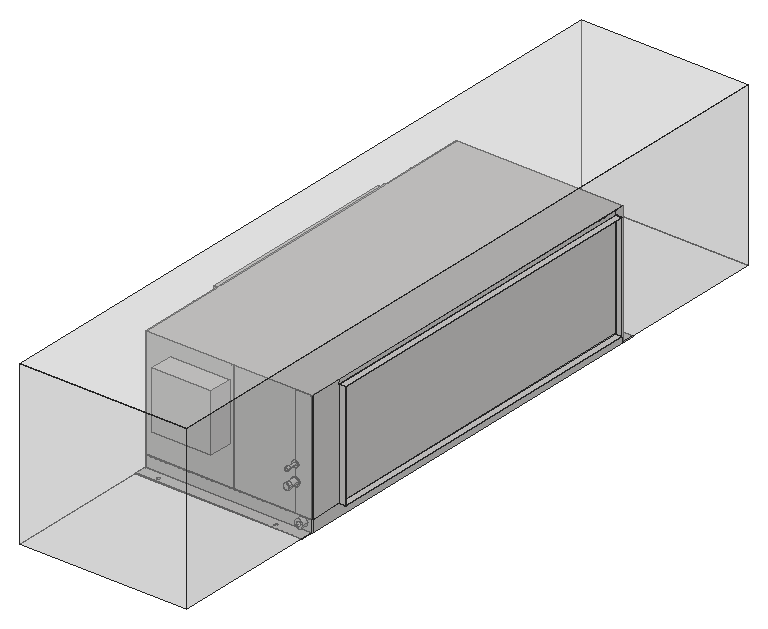
Revit family "outputfile", category 機械設備, Revit 2024
Family settings
  丸型コネクタ寸法 = 半径を使用
  パーツ タイプ = 標準
  OmniClass 番号 = 23.75.10.24.21.27.27
  OmniClass タイトル = Split System Air Conditioning Units
  作業面ベース = いいえ
  常に垂直 = はい
  ロード時にボイドで切り取り = いいえ
  注釈の向きを維持 = いいえ
  共有 = いいえ
  部屋計算ポイント = はい
Parameters (values of type "FDR400QY1")
  Description = ""
  書き出し IFC クラス(タイプ) = "IfcUnitaryEquipmentType"
  定義済み IFC タイプ(タイプ) = "AIRCONDITIONINGUNIT"
  Cost = 0
  Type Comments = ""
  Keynote = ""
  Type Image = (empty or 0)
  Assembly Code = ""
  angle_Drain Pipe [instance] = if(Rear Connection_drainpipe, -90.00°, 90.00°)  # 90.00°
  製造元 = "Daikin"
  モデル = "FDR400QY1"
  w2 = if(Depth = 2195.0 mm, 0.0 mm, if(Depth = 1980.0 mm, 0.0 mm, 352.0 mm))  # 0.0 mm
  w1 = if(Depth = 2195.0 mm, 0.0 mm, if(Depth = 1980.0 mm, 1.0 mm, 20.0 mm))  # 1.0 mm
  switch_frequency = yes
  r_Liquid Pipe Size = Liquid Pipe Size / 2  # 6.35 mm
  r_Gas Pipe Size = Gas Pipe Size / 2  # 14.3 mm
  r_Drain Pipe Size = Drain Pipe Size / 2  # 12.7 mm
  r_D = if(Depth = 2195.0 mm, 41.5 mm, if(Depth = 1980.0 mm, 41.5 mm, 34.5 mm))  # 41.5 mm
  lw_power = if(Depth = 2195.0 mm, Width / 2 - 249.0 mm, if(Depth = 1980.0 mm, Width / 2 - 128.0 mm, Width / 2 - 138.0 mm))  # 297.0 mm
  lw_mountinghole = if(Depth = 2195.0 mm, 100.0 mm, if(Depth = 1980.0 mm, 100.0 mm, if(Depth = 1330.0 mm, 59.0 mm, 59.0 mm)))  # 100.0 mm
  lh_SA = if(Depth = 2195.0 mm, 263.0 mm + SA Duct Size Height / 2, if(Depth = 1980.0 mm, 257.0 mm + SA Duct Size Height / 2, 156.0 mm + SA Duct Size Height / 2))  # 431.5 mm
  ld_SA = if(Depth = 2195.0 mm, 570.0 mm + SA Duct Size Width / 2, if(Depth = 1980.0 mm, 479.0 mm + SA Duct Size Width / 2, 128.0 mm + SA Duct Size Width / 2))  # 1001.5 mm
  ld_RA = if(Depth = 2195.0 mm, 171.0 mm + RA Duct Size Width / 2, if(Depth = 1980.0 mm, 169.0 mm + RA Duct Size Width / 2, 128.0 mm + RA Duct Size Width / 2))  # 1051.0 mm
  lh_power = if(Depth = 2195.0 mm, 490.0 mm, if(Depth = 1980.0 mm, 300.0 mm, 200.0 mm))  # 300.0 mm
  lh_RA = if(Depth = 2195.0 mm, 60.0 mm + RA Duct Size Height / 2, if(Depth = 1980.0 mm, 61.0 mm + RA Duct Size Height / 2, 156.0 mm + RA Duct Size Height / 2))  # 333.0 mm
  ld_power = if(Depth = 2195.0 mm, 75.8 mm, if(Depth = 1980.0 mm, 70.0 mm, 76.6 mm))  # 70.0 mm
  l_SA = if(Depth = 2195.0 mm, 36.0 mm, if(Depth = 1980.0 mm, 35.0 mm, 39.0 mm))  # 35.0 mm
  l_RA = if(Depth = 2195.0 mm, 36.0 mm, if(Depth = 1980.0 mm, 35.0 mm, 39.0 mm))  # 35.0 mm
  d = if(Depth = 1330.0 mm, 20.0 mm, 0.0 mm)  # 0.0 mm
  connector_voltage = Voltage_50Hz  # 400 V
  connector_powerinput = [Power Input (Cooling)]  # 15.690 kW
  connector_phase = Phase_50Hz  # 3
  Voltage_comment_50Hz = "380 - 415"
  Voltage_50Hz = 400 V
  URL = ""
  Supply Air Direction [instance] = yes
  Sound Power Level_H speed (dB) = 0
  Rear Connection_drainpipe [instance] = not(Front Connection_drainpipe)  # no
  Phase_50Hz = 3
  Minimum External Static Pressure = 0.00 Pa
  Minimum Circuit Amps_50Hz = 4.4 A
  Maximum Fuse Amps_50Hz = 16.0 A
  Maximum External Static Pressure = 150.00 Pa
  Material_Casing = DAIKIN_GalvanizedSteel_Casing_indoorunit
  lw_mountinghole_pitch = if(Depth = 2195.0 mm, 600.0 mm, if(Depth = 1980.0 mm, 600.0 mm, if(Depth = 1330.0 mm, 732.0 mm, 732.0 mm)))  # 600.0 mm
  lh_gaspipe = if(Depth = 2195.0 mm, 205.0 mm, if(Depth = 1980.0 mm, 205.0 mm, 187.0 mm))  # 205.0 mm
  lh_mountinghole = if(Depth = 2195.0 mm, 0.0 mm, if(Depth = 1980.0 mm, 0.0 mm, if(Depth = 1330.0 mm, 495.0 mm, 495.0 mm)))  # 0.0 mm
  lh_liquidpipe = if(Depth = 2195.0 mm, 285.0 mm, if(Depth = 1980.0 mm, 285.0 mm, 187.0 mm))  # 285.0 mm
  lh_drainpipe = if(Depth = 2195.0 mm, 38.0 mm, if(Depth = 1980.0 mm, 38.0 mm, 32.0 mm))  # 38.0 mm
  l_antena = Height - lh_mountinghole + 1.0 mm  # 626.0 mm
  ld_drainpipe = if(Depth = 2195.0 mm, Depth / 2 + 29.0 mm, if(Depth = 1980.0 mm, Depth / 2 + 29.0 mm, Depth / 2 + 9.0 mm))  # 1019.0 mm
  ld_liquidpipe = if(Depth = 2195.0 mm, Depth / 2 + 55.0 mm, if(Depth = 1980.0 mm, Depth / 2 + 55.0 mm, Depth / 2 + 60.0 mm))  # 1045.0 mm
  ld_gaspipe = if(Depth = 2195.0 mm, Depth / 2 + 55.0 mm, if(Depth = 1980.0 mm, Depth / 2 + 55.0 mm, Depth / 2 + 58.0 mm))  # 1045.0 mm
  ld_mountinghole_pitch = if(Depth = 2195.0 mm, 2280.0 mm, if(Depth = 1980.0 mm, 2070.0 mm, 1386.0 mm))  # 2070.0 mm
  h*** = 0.0 mm  # constant formula
  lw_liquidpipe = if(Depth = 2195.0 mm, 83.0 mm, if(Depth = 1980.0 mm, 87.0 mm, 126.0 mm))  # 87.0 mm
  lw_gaspipe = if(Depth = 2195.0 mm, 83.0 mm, if(Depth = 1980.0 mm, 87.0 mm, 47.0 mm))  # 87.0 mm
  lw_drainpipe = if(Depth = 2195.0 mm, 43.0 mm, if(Depth = 1980.0 mm, 45.0 mm, 46.0 mm))  # 45.0 mm
  Width = 850.0 mm
  Version = "ver.1.0"
  Unit Type = "Duct"
  Unit Mass Weight = 177.00 kg
  Unit Designation [instance] = ""
  Uniclass2015Version = "Products v1.30"
  Uniclass2015Title = "Split coil room air conditioning units"
  Uniclass2015Code = "Pr_70_65_03_86"
  Total Cooling Capacity [instance] = 0.000 kW
  Sound Pressure Level_M speed (dBA) = 0
  Sound Pressure Level_L speed (dBA) = 0
  Sound Pressure Level_H speed (dBA) = 59
  Series = "Package Aircon_Fan Coil Unit"
  Sensible Cooling Capacity [instance] = 0.000 kW
  SA Duct Size Width = 1045.0 mm
  SA Duct Size Height = 349.0 mm
  Refrigerant Type = "R410A"
  RA Duct Size Width = 1764.0 mm
  RA Duct Size Height = 544.0 mm
  Power Input (Cooling) = 15.690 kW
  Option Accessory 3 [instance] = ""
  Option Accessory 2 [instance] = ""
  Option Accessory 1 [instance] = ""
  Nominal Cooling Capacity = 46.300 kW
  Minimum Airflow = 0.00 m³/h
  Median Airflow = 0.00 m³/h
  Maximum Airflow = 7200.00 m³/h
  Load Classification = HVAC
  Liquid Pipe Size = 12.7 mm
  Link_Nested Family [instance] = ""
  Front Connection_drainpipe [instance] = yes
  IfcVersion = ""
  IfcExportType = "AIRCONDITIONINGUNIT"
  IfcExportAs = "IfcUnitaryEquipmentType"
  Height = 625.0 mm
  Heat Exchanger Type = "Cross Fin Coil"
  Gas Pipe Size = 28.6 mm
  Frequency_50Hz = 50 Hz
  Fan Type = "Sirocco Fan"
  Fan Drive = "-"
  FCU Tag No. [instance] = ""
  Drain Pipe Size = 25.4 mm
  Design Supply Airflow [instance] = 0.00 m³/h
  Design Return Airflow [instance] = 0.00 m³/h
  Design External Static Pressure [instance] = 0.00 Pa
  Depth = 1980.0 mm
  既定の高さ = 0.0 mm
  Cooling Entering Wet Bulb Temperature [instance] = 0.00 °C
  Cooling Entering Dry Bulb Temperature [instance] = 0.00 °C
  Cooling Ambient Wet Bulb Temperature [instance] = 0.00 °C
  Cooling Ambient Dry Bulb Temperature [instance] = 0.00 °C
  Clearance visibility [instance] = yes
  Clearance Top = 200.0 mm
  Clearance Right = 0.0 mm
  Clearance Rear = 800.0 mm
  Clearance Left = 0.0 mm
  Clearance Front = 800.0 mm
  Clearance Bottom = 0.0 mm
  A = if(Depth = 2195.0 mm, 60.0 mm, if(Depth = 1980.0 mm, 61.0 mm, 63.0 mm))  # 61.0 mm
  300-500 = not([200/250])  # yes
  200/250 = Depth = 1330.0 mm  # no
Reference planes
  plane 1 "Center (Front/Back)": y = 0
  plane 2 "h": z = 0
  plane 3 "Center (Left/Right)": x = 0
  plane 4 "Back": y = 990
  plane 5 "Front": y = -990
  plane 6 "Left": x = -425
  plane 7 "Right": x = 425
  plane 8 "Top": z = 0
  plane 9 "Bottom": z = -625
  plane 10: y = 1790
  plane 11: y = -1790
  plane 12: x = -425
  plane 13: x = 425
  plane 14: z = 200
  plane 15: z = -625
  plane 16 "ld_RA": y = 61
  plane 17 "lh_RA": z = -292
  plane 18 "ld_gaspipe": y = -1045
  plane 19 "ld_drainpipe": y = -1019
  plane 20 "lw_drainpipe": x = 380
  plane 21 "lw_liquidpipe": x = 338
  plane 22 "lw_gaspipe": x = 338
  plane 23 "lw_mountinghole": x = -325
  plane 24 "lw_mountinghole1": x = 275
  plane 25 "ld_mountinghole": y = -1035
  plane 26 "ld_mountinghole1": y = 1035
  plane 27 "lh_mountinghole": z = -625
  plane 28 "lh_SA": z = -193.5
  plane 29 "ld_liquidpipe": y = -1045
  plane 30 "ld_power": y = -1060
  plane 31 "ld_drainpipe1": y = 1019
  plane 32 "ld_SA": y = 11.5
  plane 33 "A": z = -564
  plane 34: y = 990
  plane 35: y = -990
  plane 36: x = -424
  plane 37: x = 425
  plane 38: z = -587
  plane 39: z = -587
Forms (mm)
  Extrusion 1, solid, material "DAIKIN_GalvanizedSteel_Casing_indoorunit" <- "Material_Casing"
    sketch origin (0, 0, -625) x (-1, 0, 0) y (0, -1, 0)
      loop
        line (424, -990) -> (424, 990) -> (-425, 990) -> (-425, -990) -> (424, -990)
    from 625 to 61
  Extrusion 2, solid, material "DAIKIN_GalvanizedSteel_Casing_indoorunit" <- "Material_Casing"
    sketch origin (0, 0, -625) x (-1, 0, 0) y (0, -1, 0)
      loop
        line (424, -990) -> (424, 990) -> (-425, 990) -> (-425, -990) -> (424, -990)
    from 0 to 61
  Extrusion 3, solid, material "DAIKIN_GalvanizedSteel_Casing_indoorunit" <- "Material_Casing", visible <- "200/250"
    sketch origin (0, 0, 0) x (1, 0, 0) y (0, 0, 1)
      loop
        line (84.8, -564) -> (84.8, -625) -> (419.6, -625) -> (419.6, -564) -> (84.8, -564)
    from -990 to 990
  Extrusion 4, solid, material "DAIKIN_GalvanizedSteel_Casing_indoorunit" <- "Material_Casing", visible <- "Front Connection_drainpipe"
    sketch origin (425, -990, -625) x (-1, 0, 0) y (0, 0, -1)
      loop
        circle (45, -38) r 20.75
      loop
        circle (45, -38) r 12.7
    from 0 to 29
  Extrusion 5, solid, material "DAIKIN_GalvanizedSteel_Casing_indoorunit" <- "Material_Casing", visible <- "Rear Connection_drainpipe"
    sketch origin (-424, 990, -625) x (1, 0, 0) y (0, 0, -1)
      loop
        circle (804, -38) r 20.75
      loop
        circle (804, -38) r 12.7
    from 0 to 29
Dimensions and locks
  "Height": plane 8 "Top" to plane 9 "Bottom"
  equal spacing: plane 4 "Back", plane 1 "Center (Front/Back)", plane 5 "Front"
  "Depth": plane 4 "Back" to plane 5 "Front"
  equal spacing: plane 6 "Left", plane 3 "Center (Left/Right)", plane 7 "Right"
  "Width": plane 6 "Left" to plane 7 "Right"
  "Clearance Left": plane 12 to plane 6 "Left"
  "Clearance Right": plane 7 "Right" to plane 13
  "Clearance Rear": plane 10 to plane 4 "Back"
  "Clearance Front": plane 5 "Front" to plane 11
  "Clearance Top": plane 14 to plane 8 "Top"
  "Clearance Bottom": plane 9 "Bottom" to plane 15
  "ld_RA": plane 16 "ld_RA" to plane 5 "Front"
  "lh_RA": plane 17 "lh_RA" to plane 9 "Bottom"
  "lw_drainpipe": plane 20 "lw_drainpipe" to plane 7 "Right"
  "lw_liquidpipe": plane 21 "lw_liquidpipe" to plane 7 "Right"
  "lw_gaspipe": plane 22 "lw_gaspipe" to plane 7 "Right"
  "lw_mountinghole_pitch": plane 23 "lw_mountinghole" to plane 24 "lw_mountinghole1"
  equal spacing: plane 25 "ld_mountinghole", plane 1 "Center (Front/Back)", plane 26 "ld_mountinghole1"
  "ld_mountinghole_pitch": plane 26 "ld_mountinghole1" to plane 25 "ld_mountinghole"
  "lh_mountinghole": plane 27 "lh_mountinghole" to plane 9 "Bottom"
  "lh_SA": plane 28 "lh_SA" to plane 9 "Bottom"
  "h***": plane 8 "Top" to plane 2 "h"
  "lw_mountinghole": plane 6 "Left" to plane 23 "lw_mountinghole"
  "ld_drainpipe": plane 31 "ld_drainpipe1" to plane 1 "Center (Front/Back)"
  "ld_drainpipe": plane 1 "Center (Front/Back)" to plane 19 "ld_drainpipe"
  "ld_power": plane 5 "Front" to plane 30 "ld_power"
  "ld_liquidpipe": plane 29 "ld_liquidpipe" to plane 1 "Center (Front/Back)"
  "ld_gaspipe": plane 18 "ld_gaspipe" to plane 1 "Center (Front/Back)"
  "ld_SA": plane 32 "ld_SA" to plane 5 "Front"
  "A": plane 33 "A" to plane 9 "Bottom"
  "w1": plane 6 "Left" to plane 36
  "d": plane 4 "Back" to plane 34
  "d": plane 35 to plane 5 "Front"
  "w2": plane 37 to plane 7 "Right"
  locked: plane 6 "Left" to Extrusion 1 sketch curve at 1
  locked: Extrusion 3 sketch curve to Extrusion 3 sketch curve at 334.8
  locked: Extrusion 3 sketch curve to plane 7 "Right" at 5.4
  "lh_drainpipe": plane 38 to plane 9 "Bottom"
  "lh_drainpipe": plane 39 to plane 9 "Bottom"
  "r_D": diameter of Extrusion 4 sketch curve
  "Drain Pipe Size": diameter of Extrusion 4 sketch curve
  "Drain Pipe Size": diameter of Extrusion 5 sketch curve
  "r_D": diameter of Extrusion 5 sketch curve
  aligned and locked: level to plane 2 "h"
  aligned and locked: nested 4 to plane 11
  aligned and locked: nested 4 to plane 12  (x2)
  aligned and locked: nested 4 to plane 13
  aligned and locked: plane 10 to nested 4
  aligned and locked: plane 14 to nested 4
  aligned and locked: plane 15 to nested 4
  aligned and locked: nested 2 to plane 21 "lw_liquidpipe"
  aligned and locked: nested 1 to plane 22 "lw_gaspipe"
  aligned and locked: nested 1 to plane 18 "ld_gaspipe"
  aligned and locked: plane 23 "lw_mountinghole" to nested 6
  aligned and locked: nested 6 to plane 26 "ld_mountinghole1"
  aligned and locked: plane 24 "lw_mountinghole1" to nested 5
  aligned and locked: nested 5 to plane 26 "ld_mountinghole1"
  aligned and locked: plane 24 "lw_mountinghole1" to nested 8
  aligned and locked: plane 25 "ld_mountinghole" to nested 8
  aligned and locked: plane 25 "ld_mountinghole" to nested 7
  aligned and locked: plane 23 "lw_mountinghole" to nested 7
  aligned and locked: nested 2 to plane 29 "ld_liquidpipe"
  aligned and locked: plane 28 "lh_SA" to nested 9
  aligned and locked: nested 3 to plane 3 "Center (Left/Right)"
  aligned and locked: plane 1 "Center (Front/Back)" to nested 3
  aligned and locked: nested 11 to plane 3 "Center (Left/Right)"
  aligned and locked: nested 11 to plane 30 "ld_power"
  aligned and locked: nested 9 to plane 6 "Left"
  aligned and locked: nested 9 to plane 32 "ld_SA"
  aligned and locked: plane 7 "Right" to nested 10
  aligned and locked: plane 16 "ld_RA" to nested 10
  aligned and locked: plane 7 "Right" to nested 12
  aligned and locked: nested 12 to plane 1 "Center (Front/Back)"
  aligned and locked: plane 1 "Center (Front/Back)" to nested 13
  aligned and locked: nested 13 to plane 6 "Left"
  aligned and locked: plane 9 "Bottom" to nested 13
  aligned and locked: Extrusion 1 sketch curve to plane 4 "Back"
  aligned and locked: plane 5 "Front" to Extrusion 1 sketch curve
  aligned and locked: Extrusion 1 sketch curve to plane 7 "Right"
  aligned and locked: Extrusion 1 to plane 8 "Top"
  aligned and locked: Extrusion 1 to plane 33 "A"
  aligned and locked: Extrusion 2 sketch curve to plane 34
  aligned and locked: plane 36 to Extrusion 2 sketch curve
  aligned and locked: plane 35 to Extrusion 2 sketch curve
  aligned and locked: Extrusion 2 sketch curve to plane 37
  aligned and locked: plane 33 "A" to Extrusion 2
  aligned and locked: Extrusion 2 to plane 9 "Bottom"
  aligned and locked: plane 25 "ld_mountinghole" to nested 14
  aligned and locked: nested 15 to plane 26 "ld_mountinghole1"
  aligned and locked: plane 23 "lw_mountinghole" to nested 14
  aligned and locked: nested 15 to plane 23 "lw_mountinghole"
  aligned and locked: plane 9 "Bottom" to nested 15
  aligned and locked: nested 14 to plane 9 "Bottom"
  aligned and locked: plane 23 "lw_mountinghole" to nested 16
  aligned and locked: plane 24 "lw_mountinghole1" to nested 17
  aligned and locked: nested 16 to plane 25 "ld_mountinghole"
  aligned and locked: nested 17 to plane 25 "ld_mountinghole"
  aligned and locked: nested 18 to plane 26 "ld_mountinghole1"
  aligned and locked: nested 19 to plane 26 "ld_mountinghole1"
  aligned and locked: nested 19 to plane 24 "lw_mountinghole1"
  aligned and locked: nested 18 to plane 23 "lw_mountinghole"
  aligned and locked: plane 27 "lh_mountinghole" to nested 18
  aligned and locked: plane 27 "lh_mountinghole" to nested 16
  aligned and locked: plane 27 "lh_mountinghole" to nested 19
  aligned and locked: plane 27 "lh_mountinghole" to nested 17
  aligned and locked: plane 8 "Top" to nested 12
  aligned and locked: Extrusion 3 sketch curve to plane 33 "A"
  aligned and locked: plane 9 "Bottom" to Extrusion 3 sketch curve
  aligned and locked: Extrusion 2 to Extrusion 3  (x2)
  aligned and locked: nested 20 to plane 5 "Front"
  aligned and locked: plane 3 "Center (Left/Right)" to nested 20
  aligned and locked: plane 9 "Bottom" to nested 20
  aligned and locked: Extrusion 4 sketch curve to plane 20 "lw_drainpipe"  (x2)
  aligned and locked: plane 38 to Extrusion 4 sketch curve  (x2)
  aligned and locked: Extrusion 4 to plane 19 "ld_drainpipe"
  aligned and locked: Extrusion 5 sketch curve to plane 20 "lw_drainpipe"  (x2)
  aligned and locked: plane 39 to Extrusion 5 sketch curve  (x2)
  aligned and locked: plane 31 "ld_drainpipe1" to Extrusion 5
  aligned and locked: plane 1 "Center (Front/Back)" to nested 21
  aligned and locked: nested 21 to plane 20 "lw_drainpipe"
Nested families
  nested 1: "daikin_connector_rotate2" at (338, 0, -420), length <- "ld_gaspipe", built-in parameter 1001364 <- "lh_gaspipe", radius <- "r_Gas Pipe Size", type "daikin_connector_rotate2"
    with radius 14.3 mm, length 1045.0 mm, angle_vertical 90.00°
  nested 2: "daikin_connector_rotate2" at (338, 0, -340), length <- "ld_liquidpipe", built-in parameter 1001364 <- "lh_liquidpipe", radius <- "r_Liquid Pipe Size", type "daikin_connector_rotate2"
    with radius 6.35 mm, length 1045.0 mm, angle_vertical 90.00°
  nested 3: "daikin_△_symbolicline" at (0, 0, 625) x (0, -1, 0) z (0, 0, 1), built-in parameter 1001364 <- "Height", visible <- "Supply Air Direction", type "daikin_△_symbolicline"
    with length 250.0 mm
  nested 4: "daikin_clearancespace" at (0, 0, -212.381), visible <- "Clearance visibility", show <- "Clearance visibility", Link_Nested Family <- "Link_Nested Family", type "daikin_clearancespace"
    with width 850.0 mm, show yes, height 825.0 mm, depth 3580.0 mm, Link_Nested Family ""
  nested 5: "daikin_mountinghole" at (275, 1035, -625), l_antenna <- "l_antena", Link_Nested Family <- "Link_Nested Family", h_mountinghole <- "lh_mountinghole", type "daikin_mountinghole"
    with show yes, l_antenna 626.0 mm, h_mountinghole 0.0 mm, Link_Nested Family ""
  nested 6: "daikin_mountinghole" at (-325, 1035, -625), l_antenna <- "l_antena", Link_Nested Family <- "Link_Nested Family", h_mountinghole <- "lh_mountinghole", type "daikin_mountinghole"
    with show yes, l_antenna 626.0 mm, h_mountinghole 0.0 mm, Link_Nested Family ""
  nested 7: "daikin_mountinghole" at (-325, -1035, -625), h_mountinghole <- "lh_mountinghole", l_antenna <- "l_antena", Link_Nested Family <- "Link_Nested Family", type "daikin_mountinghole"
    with show yes, l_antenna 626.0 mm, h_mountinghole 0.0 mm, Link_Nested Family ""
  nested 8: "daikin_mountinghole" at (275, -1035, -625), h_mountinghole <- "lh_mountinghole", l_antenna <- "l_antena", Link_Nested Family <- "Link_Nested Family", type "daikin_mountinghole"
    with show yes, l_antenna 626.0 mm, h_mountinghole 0.0 mm, Link_Nested Family ""
  nested 9: "daikin_connector_rotate2" at (-425, 11.5, -193.5) x (0, -1, 0) z (0, 0, 1), built-in parameter 1001364 <- "lh_SA", length <- "l_SA", type "daikin_connector_rotate2"
    with radius 10.0 mm, length 35.0 mm, angle_vertical 90.00°
  nested 10: "daikin_connector_rotate2" at (425, 61, -292) x (0, 1, 0) z (0, 0, 1), built-in parameter 1001364 <- "lh_RA", length <- "l_RA", type "daikin_connector_rotate2"
    with radius 10.0 mm, length 35.0 mm, angle_vertical 90.00°
  nested 11: "daikin_connector_rotate2" at (0, -1060, -325) x (0, -1, 0) z (0, 0, 1), length <- "lw_power", built-in parameter 1001364 <- "lh_power", type "daikin_connector_rotate2"
    with radius 10.0 mm, length 297.0 mm, angle_vertical 90.00°
  nested 12: "daikin_RA ductflange_FDR-QY1" at (425, 0, -625) x (0, 1, 0) z (0, 0, 1), type "daikin_RA ductflange_FDR-QY1"
    with lh_RA 61.0 mm, ld_RA 169.0 mm, l_RA 35.0 mm, a 61.0 mm, RA Duct Size Width 1764.0 mm, RA Duct Size Height 544.0 mm, Depth 1980.0 mm, Height 625.0 mm
  nested 13: "daikin_SA ductflange_FDR-QY1" at (-425, 0, -625) x (0, -1, 0) z (0, 0, 1), type "daikin_SA ductflange_FDR-QY1"
    with lh_SA 257.0 mm, ld_SA 479.0 mm, l_SA 35.0 mm, a 61.0 mm, SA Duct Size Height 349.0 mm, Depth 1980.0 mm, Height 625.0 mm, 450/500 no, 300/400 yes
  nested 14: "daikin_anchor boltsfixture_FDR-QY1" at (-325, -1035, -625), visible <- "300-500", type "daikin_anchor boltsfixture_FDR-QY1"
    with b 45.0 mm, a 61.0 mm, Width 850.0 mm, Height 625.0 mm
  nested 15: "daikin_anchor boltsfixture_FDR-QY1" at (-325, 1035, -625), visible <- "300-500", type "daikin_anchor boltsfixture_FDR-QY1"
    with b 45.0 mm, a 61.0 mm, Width 850.0 mm, Height 625.0 mm
  nested 16: "daikin_hangerfixture_FDR-QY1" at (-325, -1035, -625) x (0, 1, 0) z (0, 0, 1), visible <- "200/250", type "daikin_hangerfixture_FDR-QY1"
  nested 17: "daikin_hangerfixture_FDR-QY1" at (275, -1035, -625) x (0, 1, 0) z (0, 0, 1), visible <- "200/250", type "daikin_hangerfixture_FDR-QY1"
  nested 18: "daikin_hangerfixture_FDR-QY1" at (-325, 1035, -625) x (0, -1, 0) z (0, 0, 1), visible <- "200/250", type "daikin_hangerfixture_FDR-QY1"
  nested 19: "daikin_hangerfixture_FDR-QY1" at (275, 1035, -625) x (0, -1, 0) z (0, 0, 1), visible <- "200/250", type "daikin_hangerfixture_FDR-QY1"
  nested 20: "daikin_rightpanel_FDR-QY1" at (0, -990, -625), material <- "Material_Casing", type "daikin_rightpanel_FDR-QY1"
    with material DAIKIN_GalvanizedSteel_Casing_indoorunit, 外径_gaspipe 31.1 mm, 内径_gaspipe 28.6 mm, switch_unit_300/400 yes, switch_unit_200/250 no, lw_liquidpipe 87.0 mm, lw_gaspipe 87.0 mm, lw_control box 128.0 mm, lh_liquidpipe 285.0 mm, lh_gaspipe 205.0 mm, lh_control box 261.0 mm, ld_liquidpipe 55.0 mm, 外径_liquidpipe 17.8 mm, 内径_liquidpipe 12.7 mm, ld_gaspipe 55.0 mm, height 625.0 mm, h_control box 291.6 mm, depth 1980.0 mm
  nested 21: "daikin_connector_rotate2" at (380, 0, -587), built-in parameter 1001364 <- "lh_drainpipe", length <- "ld_drainpipe", radius <- "r_Drain Pipe Size", angle_vertical <- "angle_Drain Pipe", type "daikin_connector_rotate2"
    with radius 12.7 mm, length 1019.0 mm, angle_vertical 90.00°
Connectors
  piping at (338, -1045, -420), diameter 28.6, driven by "r_Gas Pipe Size"
    settings: on nested 1, index 4, connector inside diameter 609.6 mm, connector length 0.0 mm, flow factor 0, pipe flow 0.00 m³/h, pressure drop 0.0 Pa, fitting loss kfactor 0, connector angle 0.00°, fixture units 0, engagement length 0.0 mm, angle of deflection 0.00°, flow configuration 1, flow direction 2, fitting loss method 0, system type 29, joint type 0, gender type 0, connector reference index -1, connector utility 0, adjustable connector no, is connector primary yes, connector description "Refrigerant Gas Piping"
  piping at (338, -1045, -340), diameter 12.7, driven by "r_Liquid Pipe Size"
    settings: on nested 2, index 5, connector inside diameter 609.6 mm, connector length 0.0 mm, flow factor 0, pipe flow 0.00 m³/h, pressure drop 0.0 Pa, fitting loss kfactor 0, connector angle 0.00°, fixture units 0, engagement length 0.0 mm, angle of deflection 0.00°, flow configuration 1, flow direction 1, fitting loss method 0, system type 29, joint type 0, gender type 0, connector reference index -1, connector utility 0, adjustable connector no, is connector primary no, connector description "Refrigerant Liquid Piping"
  hvac at (-460, 11.5, -193.5), driven by "SA Duct Size Height", driven by "SA Duct Size Width"
    settings: on nested 9, index 7, duct flow 0.00 m³/h, flow factor 0, pres drop 0.00 Pa, loss coef 0, conn angle 0.00°, conn width 1045.0 mm, conn height 349.0 mm, conn diameter 609.6 mm, duct sys type 1, conn prof type 1, flow config 0, flow direction 2, loss method 4, conn ref index -1, conn util no, is conn primary yes, conn desc "SA Duct"
  hvac at (460, 61, -292), driven by "RA Duct Size Height", driven by "RA Duct Size Width"
    settings: on nested 10, index 8, duct flow 0.00 m³/h, flow factor 0, pres drop 0.00 Pa, loss coef 0, conn angle 0.00°, conn width 1764.0 mm, conn height 544.0 mm, conn diameter 609.6 mm, duct sys type 2, conn prof type 1, flow config 0, flow direction 1, loss method 4, conn ref index -1, conn util no, is conn primary no, conn desc "RA Duct"
  electrical at (-297, -1060, -325), driven by "connector_phase", driven by "Load Classification", driven by "connector_voltage", driven by "connector_powerinput"
    settings: on nested 11, index 9, voltage 400 V, apparent load 15690 VA, apparent load phase1 0 VA, apparent load phase2 0 VA, apparent load phase3 0 VA, power factor 1, load classification "HVAC", number of poles 3, system type 30, power factor state 1, is connector primary yes, connector utility no, sub classification motor no, connector description "Power Supply"
  piping at (380, -1019, -587), diameter 25.4, driven by "r_Drain Pipe Size"
    settings: on nested 21, index 10, connector inside diameter 609.6 mm, connector length 0.0 mm, flow factor 0, pipe flow 0.00 m³/h, pressure drop 0.0 Pa, fitting loss kfactor 0, connector angle 0.00°, fixture units 0, engagement length 0.0 mm, angle of deflection 0.00°, flow configuration 1, flow direction 2, fitting loss method 4, system type 16, joint type 0, gender type 0, connector reference index -1, connector utility 0, adjustable connector no, is connector primary no, connector description "Condensate Drain Piping"
Definition of nested family "daikin_clearancespace"
  Parameters (values of type "daikin_clearancespace")
    Description = "daikin_clearancespace"
    width [instance] = 1823.963 mm
    show [instance] = yes
    material = none
    height [instance] = 1359.762 mm
    depth [instance] = 880.0 mm
    Default Elevation = 0.0 mm
    Link_Nested Family [instance] = ""
  Reference planes
    plane 1 "Center (Front/Back)": y = 0
    plane 2 "Center (Elevation)": z = -0.119
    plane 3 "Center (Left/Right)": x = 0
    plane 4: y = 440
    plane 5: y = -440
    plane 6 "Right": x = 911.982
    plane 7 "Left": x = -911.982
    plane 8 "Top": z = 679.762
    plane 9 "Bottom": z = -680
  Forms (mm)
    Extrusion 1, solid, material <- "material", visible <- "show"
      sketch origin (0, 0, 0) x (1, 0, 0) y (0, 1, 0)
        loop
          line (-911.982, 440) -> (-911.982, -440) -> (911.982, -440) -> (911.982, 440) -> (-911.982, 440)
      from -680 to 679.762
  Lines and regions (mm)
    symbolic lines, visible <- "show"
      curve 1: line (911.982, 440, 0) -> (-911.982, 440, 0)
      curve 2: line (-911.982, 440, 0) -> (-911.982, -440, 0)
      curve 3: line (-911.982, -440, 0) -> (911.982, -440, 0)
      curve 4: line (911.982, -440, 0) -> (911.982, 440, 0)
      curve 5: line (911.982, 0, 679.762) -> (-911.982, 0, 679.762)
      curve 6: line (911.982, 0, -680) -> (911.982, 0, 679.762)
      curve 7: line (-911.982, 0, -680) -> (911.982, 0, -680)
      curve 8: line (-911.982, 0, 679.762) -> (-911.982, 0, -680)
      curve 9: line (0, 440, 679.762) -> (0, -440, 679.762)
      curve 10: line (0, -440, 679.762) -> (0, -440, -680)
      curve 11: line (0, 440, -680) -> (0, 440, 679.762)
      curve 12: line (0, -440, -680) -> (0, 440, -680)
  Dimensions and locks
    "width": plane 7 "Left" to plane 6 "Right"
    "depth": plane 4 to plane 5
    "height": plane 8 "Top" to plane 9 "Bottom"
    equal spacing: plane 7 "Left", plane 3 "Center (Left/Right)", plane 6 "Right"
    equal spacing: plane 4, plane 1 "Center (Front/Back)", plane 5
    equal spacing: plane 8 "Top", plane 2 "Center (Elevation)", plane 9 "Bottom"
    aligned and locked: level to plane 2 "Center (Elevation)"
    aligned and locked: Extrusion 1 sketch curve to plane 4
    aligned and locked: plane 7 "Left" to Extrusion 1 sketch curve
    aligned and locked: Extrusion 1 sketch curve to plane 5
    aligned and locked: Extrusion 1 sketch curve to plane 6 "Right"
    aligned and locked: plane 8 "Top" to Extrusion 1
    aligned and locked: curve 1 to Extrusion 1
    aligned and locked: curve 2 to Extrusion 1
    aligned and locked: curve 3 to Extrusion 1
    aligned and locked: curve 4 to Extrusion 1
    aligned and locked: curve 5 to Extrusion 1
    aligned and locked: curve 6 to Extrusion 1
    aligned and locked: curve 7 to Extrusion 1
    aligned and locked: curve 8 to Extrusion 1
    aligned and locked: curve 9 to Extrusion 1
    aligned and locked: curve 10 to Extrusion 1
    aligned and locked: curve 11 to Extrusion 1
    aligned and locked: curve 12 to Extrusion 1
    aligned and locked: Extrusion 1 to plane 9 "Bottom"
Definition of nested family "daikin_RA ductflange_FDR-QY1"
  Parameters (values of type "daikin_RA ductflange_FDR-QY14")
    lh_RA = if(Depth = 2195.0 mm, 60.0 mm, if(Depth = 1980.0 mm, 61.0 mm, 156.0 mm))  # 60.0 mm
    ld_RA = if(Depth = 2195.0 mm, 171.0 mm, if(Depth = 1980.0 mm, 169.0 mm, 128.0 mm))  # 171.0 mm
    l_RA = if(Depth = 2195.0 mm, 36.0 mm, if(Depth = 1980.0 mm, 35.0 mm, 39.0 mm))  # 36.0 mm
    a = if(Depth = 2195.0 mm, 60.0 mm, if(Depth = 1980.0 mm, 61.0 mm, 63.0 mm))  # 60.0 mm
    RA Duct Size Width = if(Depth = 2195.0 mm, 1974.0 mm, if(Depth = 1980.0 mm, 1764.0 mm, 1074.0 mm))  # 1974.0 mm
    RA Duct Size Height = if(Depth = 2195.0 mm, 679.0 mm, if(Depth = 1980.0 mm, 544.0 mm, 294.0 mm))  # 679.0 mm
    Depth = 2195.0 mm
    material = none
    Height = 760.0 mm
    t = if(Depth = 1330.0 mm, 0.8 mm, 1.0 mm)  # 1.0 mm
    Default Elevation = 0.0 mm
    200/250 = Depth = 1330.0 mm  # no
  Reference planes
    plane 1 "Center (Front/Back)": y = 0
    plane 2: z = 0
    plane 3 "Center (Left/Right)": x = 0
    plane 4: x = -1097.5
    plane 5: x = 1097.5
    plane 6: z = 760
    plane 7: z = 739
    plane 8 "a": z = 60
    plane 9: x = -926.5
    plane 10: x = 1047.5
    plane 11: x = -925.5
    plane 12: x = 1046.5
    plane 13: z = 60
    plane 14: y = -36
    plane 15: y = 1
    plane 16: x = -925.5
    plane 17: x = 1046.5
  Forms (mm)
    Extrusion 1, solid, material <- "material"
      sketch origin (0, 0, 0) x (1, 0, 0) y (0, 0, 1)
        loop
          line (-1097.5, 760) -> (-1097.5, 60) -> (-925.5, 60) -> (-925.5, 760) -> (-1097.5, 760)
      from 0 to -1
    Extrusion 2, solid, material <- "material"
      sketch origin (0, 0, 0) x (1, 0, 0) y (0, 0, 1)
        loop
          line (1097.5, 760) -> (1046.5, 760) -> (1046.5, 60) -> (1097.5, 60) -> (1097.5, 760)
      from 0 to -1
    Extrusion 3, solid, material <- "material"
      sketch origin (0, 0, 0) x (1, 0, 0) y (0, 0, 1)
        loop
          line (-926.5, 739) -> (-926.5, 60) -> (-925.5, 60) -> (-925.5, 739) -> (-926.5, 739)
        loop
          line (1046.5, 739) -> (1046.5, 60) -> (1047.5, 60) -> (1047.5, 739) -> (1046.5, 739)
      from 0 to 36
    Extrusion 4, solid, material <- "material"
      sketch origin (0, 0, 0) x (0, 1, 0) y (0, 0, 1)
        loop
          line (-36, 739) -> (-36, 738) -> (1, 738) -> (1, 760) -> (0, 760) -> (0, 739) -> (-36, 739)
        loop
          line (-36, 61) -> (-36, 60) -> (1, 60) -> (1, 61) -> (-36, 61)
      from -925.5 to 1046.5
    Extrusion 5, solid, material <- "material", visible <- "200/250"
      sketch origin (0, 0, 0) x (0, 1, 0) y (0, 0, 1)
        loop
          line (0, 60) -> (0, -33) -> (1, -33) -> (1, 60) -> (0, 60)
      from -925.5 to 1046.5
  Dimensions and locks
    equal spacing: plane 5, plane 3 "Center (Left/Right)", plane 4
    "Depth": plane 5 to plane 4
    "Height": plane 6 to plane 2
    "ld_RA": plane 9 to plane 4
    "RA Duct Size Width": plane 10 to plane 9
    "a": plane 8 "a" to plane 2
    "t": plane 11 to plane 9
    "t": plane 10 to plane 12
    "lh_RA": plane 13 to plane 2
    "RA Duct Size Height": plane 7 to plane 13
    "t": Extrusion 3 sketch curve to Extrusion 3 sketch curve  (x2)
    "l_RA": plane 14 to plane 1 "Center (Front/Back)"
    "t": plane 15 to plane 1 "Center (Front/Back)"
    "t": Extrusion 4 sketch curve to Extrusion 4 sketch curve  (x2)
    "t": plane 17 to plane 10
    "t": plane 9 to plane 16
    locked: Extrusion 5 sketch curve to Extrusion 5 sketch curve at 93
    aligned and locked: level to plane 2
    aligned and locked: Extrusion 1 sketch curve to plane 6
    aligned and locked: plane 4 to Extrusion 1 sketch curve
    aligned and locked: plane 8 "a" to Extrusion 1 sketch curve
    aligned and locked: Extrusion 1 sketch curve to plane 11
    aligned and locked: Extrusion 1 to plane 1 "Center (Front/Back)"
    aligned and locked: plane 6 to Extrusion 2 sketch curve
    aligned and locked: plane 5 to Extrusion 2 sketch curve
    aligned and locked: Extrusion 2 sketch curve to plane 8 "a"
    aligned and locked: Extrusion 2 sketch curve to plane 12
    aligned and locked: Extrusion 2 to plane 1 "Center (Front/Back)"
    aligned and locked: Extrusion 3 sketch curve to plane 7  (x2)
    aligned and locked: plane 9 to Extrusion 3 sketch curve
    aligned and locked: Extrusion 3 sketch curve to plane 10
    aligned and locked: plane 13 to Extrusion 3 sketch curve  (x2)
    aligned and locked: Extrusion 3 to plane 1 "Center (Front/Back)"
    aligned and locked: Extrusion 3 to plane 14
    aligned and locked: plane 15 to Extrusion 1
    aligned and locked: plane 15 to Extrusion 2
    aligned and locked: Extrusion 4 sketch curve to plane 7
    aligned and locked: Extrusion 4 sketch curve to plane 1 "Center (Front/Back)"
    aligned and locked: Extrusion 4 sketch curve to plane 6
    aligned and locked: Extrusion 4 sketch curve to plane 15  (x2)
    aligned and locked: plane 14 to Extrusion 4 sketch curve  (x2)
    aligned and locked: plane 13 to Extrusion 4 sketch curve
    aligned and locked: Extrusion 4 to plane 16
    aligned and locked: plane 17 to Extrusion 4
    aligned and locked: Extrusion 5 sketch curve to plane 13
    aligned and locked: Extrusion 5 sketch curve to plane 1 "Center (Front/Back)"
    aligned and locked: Extrusion 5 sketch curve to plane 15
    aligned and locked: Extrusion 5 to plane 16
    aligned and locked: plane 17 to Extrusion 5
Definition of nested family "daikin_SA ductflange_FDR-QY1"
  Parameters (values of type "daikin_SA ductflange_FDR-QY14")
    lh_SA = if(Depth = 2195.0 mm, 263.0 mm, if(Depth = 1980.0 mm, 257.0 mm, 156.0 mm))  # 263.0 mm
    ld_SA = if(Depth = 2195.0 mm, 570.0 mm, if(Depth = 1980.0 mm, 479.0 mm, 128.0 mm))  # 570.0 mm
    l_SA = if(Depth = 2195.0 mm, 36.0 mm, if(Depth = 1980.0 mm, 35.0 mm, 39.0 mm))  # 36.0 mm
    a = if(Depth = 2195.0 mm, 60.0 mm, if(Depth = 1980.0 mm, 61.0 mm, 63.0 mm))  # 60.0 mm
    SA Duct Size Width = if(Depth = 2195.0 mm, 1045.0 mm, if(Depth = 1980.0 mm, 1045.0 mm, 1074.0 mm))  # 1045.0 mm
    SA Duct Size Height = if(Depth = 2195.0 mm, 347.0 mm, if(Depth = 1980.0 mm, 349.0 mm, 294.0 mm))  # 347.0 mm
    Depth = 2195.0 mm
    material = none
    Height = 760.0 mm
    t = if(Depth = 1330.0 mm, 0.8 mm, 1.0 mm)  # 1.0 mm
    Default Elevation = 0.0 mm
    450/500 = Depth = 2195.0 mm  # yes
    300/400 = Depth = 1980.0 mm  # no
    200/250以外 = not(Depth = 1330.0 mm)  # yes
    200/250 = or(Depth = 1330.0 mm, and(not(Depth = 1980.0 mm), not(Depth = 2195.0 mm)))  # no
  Reference planes
    plane 1 "Center (Front/Back)": y = 0
    plane 2: z = 0
    plane 3 "Center (Left/Right)": x = 0
    plane 4: x = -1097.5
    plane 5: x = 1097.5
    plane 6: z = 760
    plane 7: z = 610
    plane 8 "a": z = 60
    plane 9: x = -517.5
    plane 10: x = 527.5
    plane 11: z = 263
    plane 12: y = -36
    plane 13: y = 1
    plane 14: x = -516.5
    plane 15: x = 526.5
  Forms (mm)
    Extrusion 1, solid, material <- "material"
      sketch origin (0, 0, 0) x (1, 0, 0) y (0, 0, 1)
        loop
          line (-517.5, 610) -> (-517.5, 263) -> (-516.5, 263) -> (-516.5, 610) -> (-517.5, 610)
        loop
          line (526.5, 610) -> (526.5, 263) -> (527.5, 263) -> (527.5, 610) -> (526.5, 610)
      from 0 to 36
    Extrusion 2, solid, material <- "material"
      sketch origin (0, 0, 0) x (0, 1, 0) y (0, 0, 1)
        loop
          line (-36, 610) -> (-36, 609) -> (1, 609) -> (1, 610) -> (-36, 610)
        loop
          line (-36, 264) -> (-36, 263) -> (1, 263) -> (1, 264) -> (-36, 264)
      from -516.5 to 526.5
    Extrusion 3, solid, material <- "material", visible <- "200/250以外"
      sketch origin (0, 0, 0) x (1, 0, 0) y (0, 0, 1)
        loop
          line (-537.5, 610) -> (-537.5, 263) -> (-517.5, 263) -> (-517.5, 610) -> (-537.5, 610)
        loop
          line (527.5, 610) -> (527.5, 263) -> (547.5, 263) -> (547.5, 610) -> (527.5, 610)
      from 0 to -1
    Extrusion 4, solid, material <- "material", visible <- "200/250以外"
      sketch origin (0, 0, 0) x (1, 0, 0) y (0, 0, 1)
        loop
          line (-517.5, 630) -> (-517.5, 610) -> (527.5, 610) -> (527.5, 630) -> (-517.5, 630)
        loop
          line (-517.5, 263) -> (-517.5, 243) -> (527.5, 243) -> (527.5, 263) -> (-517.5, 263)
      from 0 to -1
    Extrusion 5, solid, material <- "material", visible <- "200/250"
      sketch origin (0, 0, 0) x (1, 0, 0) y (0, 0, 1)
        loop
          line (-1097.5, 760) -> (-1097.5, 60) -> (-546.5, 60) -> (-546.5, 760) -> (-1097.5, 760)
        loop
          line (655.5, 760) -> (527.5, 760) -> (527.5, 60) -> (655.5, 60) -> (655.5, 760)
      from 0 to -1
    Extrusion 6, solid, material <- "material", visible <- "200/250"
      sketch origin (0, 0, 0) x (1, 0, 0) y (0, 0, 1)
        loop
          line (-517.5, 660) -> (-517.5, 610) -> (527.5, 610) -> (527.5, 660) -> (-517.5, 660)
        loop
          line (-517.5, 263) -> (-517.5, 170) -> (527.5, 170) -> (527.5, 263) -> (-517.5, 263)
      from 0 to -1
    Extrusion 7, solid, material <- "material", visible <- "450/500"
      sketch origin (0, 0, 0) x (1, 0, 0) y (0, 0, 1)
        loop
          line (-687.5, 610) -> (-687.5, 60) -> (-537.5, 60) -> (-537.5, 610) -> (-687.5, 610)
        loop
          line (547.5, 610) -> (547.5, 60) -> (696.5, 60) -> (696.5, 610) -> (547.5, 610)
      from 0 to -1
    Extrusion 8, solid, material <- "material", visible <- "450/500"
      sketch origin (0, 0, 0) x (1, 0, 0) y (0, 0, 1)
        loop
          line (-537.5, 243) -> (-537.5, 60) -> (547.5, 60) -> (547.5, 243) -> (-537.5, 243)
        loop
          line (-688.5, 760) -> (-688.5, 610) -> (698.5, 610) -> (698.5, 760) -> (-688.5, 760)
      from 0 to -1
    Extrusion 9, solid, material <- "material", visible <- "450/500"
      sketch origin (0, 0, 0) x (1, 0, 0) y (0, 0, 1)
        loop
          line (-1097.5, 760) -> (-1097.5, 60) -> (-688.5, 60) -> (-688.5, 760) -> (-1097.5, 760)
        loop
          line (698.5, 760) -> (698.5, 60) -> (1097.5, 60) -> (1097.5, 760) -> (698.5, 760)
      from 0 to -1
    Extrusion 10, solid, material <- "material", visible <- "300/400"
      sketch origin (0, 0, 0) x (1, 0, 0) y (0, 0, 1)
        loop
          line (-687.5, 760) -> (-687.5, 60) -> (-537.5, 60) -> (-537.5, 760) -> (-687.5, 760)
        loop
          line (547.5, 760) -> (547.5, 60) -> (696.5, 60) -> (696.5, 760) -> (547.5, 760)
      from 0 to -1
    Extrusion 11, solid, material <- "material", visible <- "300/400"
      sketch origin (0, 0, 0) x (1, 0, 0) y (0, 0, 1)
        loop
          line (-537.5, 236) -> (-537.5, 60) -> (547.5, 60) -> (547.5, 236) -> (-537.5, 236)
      from 0 to -1
    Extrusion 12, solid, material <- "material", visible <- "300/400"
      sketch origin (0, 0, 0) x (1, 0, 0) y (0, 0, 1)
        loop
          line (-973.5, 760) -> (-973.5, 0) -> (1006.5, 0) -> (1006.5, 760) -> (696.5, 760) -> (696.5, 60) -> (-687.5, 60) -> (-687.5, 760) -> (-973.5, 760)
      from 0 to -1
  Dimensions and locks
    equal spacing: plane 5, plane 3 "Center (Left/Right)", plane 4
    "Depth": plane 5 to plane 4
    "Height": plane 6 to plane 2
    "SA Duct Size Width": plane 10 to plane 9
    "a": plane 8 "a" to plane 2
    "lh_SA": plane 11 to plane 2
    "SA Duct Size Height": plane 7 to plane 11
    "t": Extrusion 1 sketch curve to Extrusion 1 sketch curve  (x2)
    "l_SA": plane 12 to plane 1 "Center (Front/Back)"
    "t": plane 13 to plane 1 "Center (Front/Back)"
    "t": Extrusion 2 sketch curve to Extrusion 2 sketch curve  (x2)
    "t": plane 15 to plane 10
    "t": plane 9 to plane 14
    locked: Extrusion 3 sketch curve to Extrusion 3 sketch curve at 20  (x2)
    locked: Extrusion 4 sketch curve to Extrusion 4 sketch curve at 20  (x2)
    Extrusion 5 sketch curve to Extrusion 5 sketch curve to Extrusion 5 sketch curve = 1074.0 mm, 128.0 mm
    locked: Extrusion 6 sketch curve to Extrusion 6 sketch curve at 50
    locked: Extrusion 6 sketch curve to Extrusion 6 sketch curve at 93
    locked: Extrusion 7 sketch curve to Extrusion 7 sketch curve at 150
    locked: Extrusion 7 sketch curve to Extrusion 7 sketch curve at 149
    locked: plane 9 to Extrusion 7 sketch curve at 20
    locked: Extrusion 7 sketch curve to plane 10 at 20
    locked: plane 9 to Extrusion 8 sketch curve at 20
    locked: plane 10 to Extrusion 8 sketch curve at 20
    locked: plane 11 to Extrusion 8 sketch curve at 20
    locked: Extrusion 8 sketch curve to Extrusion 8 sketch curve at 150
    locked: plane 9 to Extrusion 8 sketch curve at 171
    locked: plane 10 to Extrusion 8 sketch curve at 171
    locked: plane 9 to Extrusion 10 sketch curve at 20
    locked: Extrusion 10 sketch curve to plane 10 at 20
    locked: Extrusion 10 sketch curve to Extrusion 10 sketch curve at 150
    locked: Extrusion 10 sketch curve to Extrusion 10 sketch curve at 149
    locked: Extrusion 11 sketch curve to Extrusion 11 sketch curve at 176
    Extrusion 12 sketch curve to Extrusion 12 sketch curve = 286.0 mm
    Extrusion 12 sketch curve to Extrusion 12 sketch curve = 310.0 mm
    "ld_SA": plane 5 to plane 10
    aligned and locked: level to plane 2
    aligned and locked: Extrusion 1 sketch curve to plane 7  (x2)
    aligned and locked: plane 9 to Extrusion 1 sketch curve
    aligned and locked: Extrusion 1 sketch curve to plane 10
    aligned and locked: plane 11 to Extrusion 1 sketch curve  (x2)
    aligned and locked: Extrusion 1 to plane 1 "Center (Front/Back)"
    aligned and locked: Extrusion 1 to plane 12
    aligned and locked: Extrusion 2 sketch curve to plane 7
    aligned and locked: Extrusion 2 sketch curve to plane 13  (x2)
    aligned and locked: plane 12 to Extrusion 2 sketch curve  (x2)
    aligned and locked: plane 11 to Extrusion 2 sketch curve
    aligned and locked: Extrusion 2 to plane 14
    aligned and locked: plane 15 to Extrusion 2
    aligned and locked: Extrusion 3 sketch curve to plane 9
    aligned and locked: Extrusion 3 sketch curve to plane 7  (x2)
    aligned and locked: plane 11 to Extrusion 3 sketch curve
    aligned and locked: Extrusion 3 to plane 1 "Center (Front/Back)"
    aligned and locked: plane 13 to Extrusion 3
    aligned and locked: plane 9 to Extrusion 4 sketch curve
    aligned and locked: Extrusion 4 sketch curve to Extrusion 4 sketch curve  (x2)
    aligned and locked: Extrusion 4 sketch curve to plane 10
    aligned and locked: plane 7 to Extrusion 4 sketch curve
    aligned and locked: Extrusion 4 sketch curve to plane 11
    aligned and locked: Extrusion 4 to plane 1 "Center (Front/Back)"
    aligned and locked: plane 13 to Extrusion 4
    aligned and locked: Extrusion 5 sketch curve to plane 6
    aligned and locked: plane 4 to Extrusion 5 sketch curve
    aligned and locked: plane 8 "a" to Extrusion 5 sketch curve
    aligned and locked: Extrusion 5 sketch curve to plane 8 "a"
    aligned and locked: Extrusion 5 sketch curve to plane 10
    aligned and locked: Extrusion 5 to plane 1 "Center (Front/Back)"
    aligned and locked: plane 13 to Extrusion 5
    aligned and locked: plane 9 to Extrusion 6 sketch curve
    aligned and locked: Extrusion 6 sketch curve to Extrusion 6 sketch curve  (x2)
    aligned and locked: Extrusion 6 sketch curve to plane 10
    aligned and locked: plane 7 to Extrusion 6 sketch curve
    aligned and locked: Extrusion 6 sketch curve to plane 11
    aligned and locked: Extrusion 6 to plane 1 "Center (Front/Back)"
    aligned and locked: plane 13 to Extrusion 6
    aligned and locked: Extrusion 7 sketch curve to Extrusion 7 sketch curve  (x2)
    aligned and locked: Extrusion 7 sketch curve to plane 7
    aligned and locked: plane 8 "a" to Extrusion 7 sketch curve
    aligned and locked: Extrusion 7 to plane 1 "Center (Front/Back)"
    aligned and locked: plane 13 to Extrusion 7
    aligned and locked: plane 8 "a" to Extrusion 8 sketch curve
    aligned and locked: plane 7 to Extrusion 8 sketch curve
    aligned and locked: Extrusion 8 to plane 1 "Center (Front/Back)"
    aligned and locked: plane 13 to Extrusion 8
    aligned and locked: Extrusion 9 sketch curve to Extrusion 9 sketch curve  (x2)
    aligned and locked: plane 4 to Extrusion 9 sketch curve
    aligned and locked: Extrusion 9 sketch curve to plane 5
    aligned and locked: Extrusion 9 sketch curve to plane 6
    aligned and locked: plane 8 "a" to Extrusion 9 sketch curve
    aligned and locked: Extrusion 9 to plane 1 "Center (Front/Back)"
    aligned and locked: plane 13 to Extrusion 9
    aligned and locked: Extrusion 10 sketch curve to Extrusion 10 sketch curve  (x2)
    aligned and locked: Extrusion 10 sketch curve to plane 6
    aligned and locked: plane 8 "a" to Extrusion 10 sketch curve
    aligned and locked: Extrusion 10 to plane 1 "Center (Front/Back)"
    aligned and locked: plane 13 to Extrusion 10
    aligned and locked: plane 8 "a" to Extrusion 11 sketch curve
    aligned and locked: Extrusion 11 sketch curve to Extrusion 10
    aligned and locked: Extrusion 10 to Extrusion 11 sketch curve
    aligned and locked: Extrusion 11 to plane 1 "Center (Front/Back)"
    aligned and locked: plane 13 to Extrusion 11
    aligned and locked: plane 6 to Extrusion 12 sketch curve
    aligned and locked: Extrusion 12 sketch curve to plane 2
    aligned and locked: Extrusion 12 sketch curve to Extrusion 12 sketch curve
    aligned and locked: plane 8 "a" to Extrusion 12 sketch curve
    aligned and locked: Extrusion 12 to plane 1 "Center (Front/Back)"
    aligned and locked: plane 13 to Extrusion 12
    aligned and locked: Extrusion 8 to Extrusion 9 sketch curve
    aligned and locked: Extrusion 9 sketch curve to Extrusion 8
    aligned and locked: Extrusion 12 sketch curve to Extrusion 10  (x2)
  Automatic sketch dimensions
    Extrusion 3 sketch curve to plane 11 = 0.0 mm
    Extrusion 3 sketch curve to plane 10 = 0.0 mm
    Extrusion 5 sketch curve to plane 6 = 0.0 mm
Definition of nested family "daikin_anchor boltsfixture_FDR-QY1"
  Parameters (values of type "daikin_hangerfixture_FBA-BV2S9")
    material = none
    Default Elevation = 0.0 mm
    b = if(Height = 760.0 mm, 42.5 mm, 45.0 mm)  # 42.5 mm
    a = if(Height = 760.0 mm, 60.0 mm, 61.0 mm)  # 60.0 mm
    Width = 870.0 mm
    Height = 760.0 mm
  Reference planes
    plane 1 "Center (Front/Back)": y = 0
    plane 2: z = 0
    plane 3 "Center (Left/Right)": x = 0
    plane 4: x = -100
    plane 5: x = 770
    plane 6: x = 600
  Forms (mm)
    Extrusion 1, solid, material <- "material"
      sketch origin (0, 0, 0) x (0, 1, 0) y (0, 0, 1)
        loop
          line (-20, 2.3) -> (-20, 0) -> (42.5, 0) -> (42.5, 57.7) -> (54.5, 57.7) -> (54.5, 60) -> (40.2, 60) -> (40.2, 2.3) -> (-20, 2.3)
      from -100 to 770
    Extrusion 2, void
      sketch origin (0, 0, 0) x (1, 0, 0) y (0, 1, 0)
        loop
          circle (0, 0) r 7.5
        loop
          circle (600, 0) r 7.5
      from 0 to 3
  Cuts and joins
    Extrusion 2 cuts Extrusion 1
  Dimensions and locks
    "a": Extrusion 1 sketch curve to plane 2
    locked: Extrusion 1 sketch curve to plane 1 "Center (Front/Back)" at 20
    "b": plane 1 "Center (Front/Back)" to Extrusion 1 sketch curve
    locked: Extrusion 1 sketch curve to Extrusion 1 sketch curve at 12
    locked: Extrusion 1 sketch curve to Extrusion 1 sketch curve at 2.3  (x3)
    locked: plane 4 to plane 3 "Center (Left/Right)" at 100
    "Width": plane 4 to plane 5
    locked: plane 3 "Center (Left/Right)" to plane 6 at 600
    aligned and locked: level to plane 2
    aligned and locked: Extrusion 1 to plane 4
    aligned and locked: plane 5 to Extrusion 1
  Automatic sketch dimensions
    plane 1 "Center (Front/Back)" to Extrusion 2 sketch curve = 0.0 mm  (x2)
    Extrusion 2 sketch curve to plane 3 "Center (Left/Right)" = 0.0 mm
    Extrusion 2 sketch curve to plane 6 = 0.0 mm
    Extrusion 1 sketch curve to level = 0.0 mm
    radius of Extrusion 2 sketch curve = 7.5 mm  (x2)
Definition of nested family "daikin_hangerfixture_FDR-QY1"
  Parameters (values of type "daikin_hangerfixture_FBA-BV2S9")
    material = none
    Default Elevation = 0.0 mm
  Reference planes
    plane 1 "Center (Front/Back)": y = 0
    plane 2: z = 0
    plane 3 "Center (Left/Right)": x = 0
  Forms (mm)
    Extrusion 1, solid, material <- "material"
      sketch origin (0, 0, 0) x (1, 0, 0) y (0, 0, 1)
        loop
          line (25.2, -3.2) -> (25.2, -60.2) -> (-2.8, -60.2) -> (-2.8, -50.2) -> (-6, -50.2) -> (-6, -63.4) -> (28.4, -63.4) -> (28.4, 0) -> (-22, 0) -> (-22, -15.2) -> (-18.8, -15.2) -> (-18.8, -3.2) -> (25.2, -3.2)
      from -40 to 40
    Extrusion 2, void
      sketch origin (0, 0, 0) x (1, 0, 0) y (0, 1, 0)
        loop
          line (0, 7) -> (-22, 7) -> (-22, -7) -> (0, -7)
          arc (0, -7) -> (7, 0) -> (0, 7) r 7
      from 0 to -15.2
    Extrusion 3, void
      sketch origin (-2.2, 0, -63.4) x (1, 0, 0) y (0, 1, 0)
        loop
          arc (2.2, -16) -> (18.2, 0) -> (2.2, 16) r 16
          line (2.2, 16) -> (-19.8, 16) -> (-19.8, -16) -> (2.2, -16)
      from 0 to 13.2
  Cuts and joins
    Extrusion 2, Extrusion 3 cuts Extrusion 1
  Dimensions and locks
    locked: Extrusion 1 sketch curve to Extrusion 1 sketch curve at 3.2  (x5)
    Extrusion 1 sketch curve to Extrusion 1 sketch curve = 3.2 mm
    locked: Extrusion 1 sketch curve to Extrusion 1 sketch curve at 50.4
    locked: plane 3 "Center (Left/Right)" to Extrusion 1 sketch curve at 22
    locked: Extrusion 1 sketch curve to Extrusion 1 sketch curve at 63.4
    Extrusion 1 sketch curve to Extrusion 1 sketch curve = 34.4 mm
    locked: plane 3 "Center (Left/Right)" to Extrusion 1 sketch curve at 6
    Extrusion 2 sketch curve to plane 1 "Center (Front/Back)" to Extrusion 2 sketch curve = 7.0 mm locked, 7.0 mm locked
    Extrusion 3 sketch curve to plane 1 "Center (Front/Back)" to Extrusion 3 sketch curve = 16.0 mm locked, 16.0 mm locked
    aligned and locked: level to plane 2
    aligned and locked: Extrusion 1 sketch curve to plane 2
    aligned and locked: Extrusion 2 sketch curve to Extrusion 1
    aligned and locked: plane 1 "Center (Front/Back)" to Extrusion 2 sketch curve
    aligned and locked: plane 3 "Center (Left/Right)" to Extrusion 2 sketch curve
    aligned and locked: Extrusion 2 to cut or joined group of Extrusion 1, Extrusion 2, Extrusion 3
    aligned and locked: plane 1 "Center (Front/Back)" to Extrusion 3 sketch curve
    aligned and locked: plane 3 "Center (Left/Right)" to Extrusion 3 sketch curve
    aligned and locked: cut or joined group of Extrusion 1, Extrusion 2, Extrusion 3 to Extrusion 3 sketch curve
    aligned and locked: Extrusion 3 to Extrusion 1
  Automatic sketch dimensions
    Extrusion 1 sketch curve to Extrusion 1 sketch curve = 10.0 mm
    Extrusion 1 sketch curve to Extrusion 1 sketch curve = 12.0 mm
Definition of nested family "daikin_rightpanel_FDR-QY1"
  Parameters (values of type "frontpanel1")
    外径_gaspipe = if(depth = 2195.0 mm, 31.1 mm, if(depth = 1980.0 mm, 31.1 mm, 24.15 mm))  # 24.15 mm
    内径_gaspipe = 60.0 mm
    width = 850.0 mm
    w_control box = if(depth = 2195.0 mm, 302.0 mm, if(depth = 1980.0 mm, 302.0 mm, 302.0 mm))  # 302.0 mm
    switch_unit_450/500 = depth = 2195.0 mm  # no
    switch_unit_300/400 = depth = 1980.0 mm  # no
    switch_unit_200/250 = depth = 1330.0 mm  # yes
    material [instance] = none
    lw_liquidpipe = if(depth = 2195.0 mm, 83.0 mm, if(depth = 1980.0 mm, 87.0 mm, 126.0 mm))  # 126.0 mm
    lw_gaspipe = if(depth = 2195.0 mm, 83.0 mm, if(depth = 1980.0 mm, 87.0 mm, 47.0 mm))  # 47.0 mm
    lw_control box = if(depth = 2195.0 mm, 249.0 mm, if(depth = 1980.0 mm, 128.0 mm, 138.0 mm))  # 138.0 mm
    lh_liquidpipe = if(depth = 2195.0 mm, 285.0 mm, if(depth = 1980.0 mm, 285.0 mm, 187.0 mm))  # 187.0 mm
    lh_gaspipe = if(depth = 2195.0 mm, 205.0 mm, if(depth = 1980.0 mm, 205.0 mm, 187.0 mm))  # 187.0 mm
    lh_control box = if(depth = 2195.0 mm, 458.0 mm, if(depth = 1980.0 mm, 261.0 mm, 168.0 mm))  # 168.0 mm
    ld_liquidpipe = if(depth = 2195.0 mm, 55.0 mm, if(depth = 1980.0 mm, 55.0 mm, 60.0 mm))  # 60.0 mm
    外径_liquidpipe = if(depth = 2195.0 mm, 17.8 mm, if(depth = 1980.0 mm, 17.8 mm, 11.54 mm))  # 11.54 mm
    内径_liquidpipe = 50.0 mm
    ld_gaspipe = if(depth = 2195.0 mm, 55.0 mm, if(depth = 1980.0 mm, 55.0 mm, 58.0 mm))  # 58.0 mm
    height = 500.0 mm
    h_control box = if(depth = 2195.0 mm, 261.6 mm, if(depth = 1980.0 mm, 291.6 mm, 261.6 mm))  # 261.6 mm
    depth = 1330.0 mm
    Default Elevation = 0.0 mm
  Reference planes
    plane 1 "Center (Front/Back)": y = 0
    plane 2 "Bottom": z = 0
    plane 3 "Center (Left/Right)": x = 0
    plane 4: x = -425
    plane 5: x = 425
    plane 6: z = 500
    plane 7: x = -287
    plane 8: x = 15
    plane 9: z = 429.6
    plane 10: z = 168
    plane 11: y = -121
    plane 12 "lh_g": z = 187
    plane 13 "lh_l": z = 187
    plane 14 "lw_g": x = 378
    plane 15 "lw_l": x = 299
    plane 16: y = -60
    plane 17 "ld_g": y = -58
  Forms (mm)
    Extrusion 1, solid, material <- "material"
      sketch origin (0, 0, 0) x (1, 0, 0) y (0, 0, 1)
        loop
          line (-287, 429.6) -> (-287, 168) -> (15, 168) -> (15, 429.6) -> (-287, 429.6)
      from 0 to 121
    Extrusion 2, solid, material <- "material", visible <- "switch_unit_450/500"
      sketch origin (0, 0, 0) x (1, 0, 0) y (0, 0, 1)
        loop
          line (347, 500) -> (347, 60) -> (425, 60) -> (425, 500) -> (347, 500)
      from 0 to -1
    Extrusion 3, solid, material <- "material", visible <- "switch_unit_450/500"
      sketch origin (0, 0, 0) x (1, 0, 0) y (0, 0, 1)
        loop
          line (-425, 500) -> (-425, 150) -> (347, 150) -> (347, 500) -> (-425, 500)
      from 0 to -1
    Extrusion 4, void
      sketch origin (0, 0, 0) x (1, 0, 0) y (0, 0, 1)
        loop
          circle (299, 187) r 16
      from 0 to -1
    Extrusion 5, void
      sketch origin (0, 0, 0) x (1, 0, 0) y (0, 0, 1)
        loop
          circle (378, 187) r 25
      from 0 to -1
    Extrusion 6, solid, material <- "material", visible <- "switch_unit_200/250"
      sketch origin (0, 0, 0) x (1, 0, 0) y (0, 0, 1)
        loop
          line (425, 63) -> (425, 88) -> (77, 88) -> (77, 63) -> (425, 63)
      from 0 to -1
    Extrusion 7, solid, material <- "material", visible <- "switch_unit_200/250"
      sketch origin (0, 0, 0) x (1, 0, 0) y (0, 0, 1)
        loop
          line (-306, 500) -> (-306, 81) -> (49, 81) -> (49, 500) -> (-306, 500)
      from 0 to -1
    Extrusion 8, solid, material <- "material", visible <- "switch_unit_200/250"
      sketch origin (0, 0, 0) x (1, 0, 0) y (0, 0, 1)
        loop
          line (-425, 431.4) -> (-425, 71.4) -> (-385, 71.4) -> (-385, 431.4) -> (-425, 431.4)
      from 0 to -1
    Extrusion 9, solid, material <- "material", visible <- "switch_unit_200/250"
      sketch origin (0, 0, 0) x (1, 0, 0) y (0, 0, 1)
        loop
          line (304, 500) -> (304, 208) -> (378, 208)
          arc (378, 208) -> (399, 187) -> (378, 166) r 21
          line (378, 166) -> (304, 166) -> (304, 88) -> (425, 88) -> (425, 500) -> (304, 500)
      from 0 to -1
    Extrusion 10, solid, material <- "material", visible <- "switch_unit_300/400"
      sketch origin (0, 0, 0) x (1, 0, 0) y (0, 0, 1)
        loop
          line (343, 500) -> (343, 61) -> (425, 61) -> (425, 500) -> (343, 500)
      from 0 to -1
    Extrusion 11, solid, material <- "material", visible <- "switch_unit_300/400"
      sketch origin (0, 0, 0) x (1, 0, 0) y (0, 0, 1)
        loop
          line (-425, 500) -> (-425, 61) -> (34, 61) -> (34, 500) -> (-425, 500)
      from 0 to -1
    Extrusion 12, solid, material <- "material"
      sketch origin (0, 0, 0) x (1, 0, 0) y (0, 0, 1)
        loop
          circle (299, 187) r 25
      from 0 to 60
    Extrusion 13, solid, material <- "material"
      sketch origin (-566.731, -60, 1200) x (-1, 0, 0) y (0, 0, 1)
        loop
          circle (-865.731, -1013) r 5.77
      from 0 to 10
    Extrusion 14, solid, material <- "material"
      sketch origin (0, 0, 0) x (1, 0, 0) y (0, 0, 1)
        loop
          circle (378, 187) r 30
      from 0 to 58
    Extrusion 15, solid, material <- "material"
      sketch origin (-566.731, -58, 1200) x (-1, 0, 0) y (0, 0, 1)
        loop
          circle (-944.731, -1013) r 12.075
      from 0 to 14
    Extrusion 16, solid, material <- "material"
      sketch origin (0, 0, 0) x (1, 0, 0) y (0, 0, 1)
        loop
          circle (299, 187) r 16
        loop
          circle (378, 187) r 21
      from 0 to -1
  Cuts and joins
    Extrusion 4, Extrusion 5 cuts Extrusion 2
    Extrusion 4, Extrusion 5 cuts Extrusion 10
  Dimensions and locks
    equal spacing: plane 4, plane 3 "Center (Left/Right)", plane 5
    "width": plane 4 to plane 5
    "height": plane 6 to plane 2 "Bottom"
    "lw_control box": plane 7 to plane 4
    "w_control box": plane 8 to plane 7
    "lh_control box": plane 10 to plane 2 "Bottom"
    "h_control box": plane 9 to plane 10
    locked: plane 11 to plane 1 "Center (Front/Back)" at 121
    locked: Extrusion 2 sketch curve to Extrusion 2 sketch curve at 78
    locked: Extrusion 2 sketch curve to plane 2 "Bottom" at 60
    locked: Extrusion 3 sketch curve to Extrusion 3 sketch curve at 350
    locked: Extrusion 3 sketch curve to plane 5 at 78
    "lh_liquidpipe": plane 13 "lh_l" to plane 2 "Bottom"
    "lh_gaspipe": plane 12 "lh_g" to plane 2 "Bottom"
    "lw_gaspipe": plane 5 to plane 14 "lw_g"
    "lw_liquidpipe": plane 5 to plane 15 "lw_l"
    locked: Extrusion 6 sketch curve to plane 2 "Bottom" at 63
    locked: Extrusion 6 sketch curve to Extrusion 6 sketch curve at 25
    locked: Extrusion 6 sketch curve to Extrusion 6 sketch curve at 348
    locked: Extrusion 7 sketch curve to Extrusion 7 sketch curve at 419
    locked: plane 7 to Extrusion 7 sketch curve at 19
    locked: Extrusion 7 sketch curve to Extrusion 7 sketch curve at 355
    locked: Extrusion 8 sketch curve to Extrusion 8 sketch curve at 360
